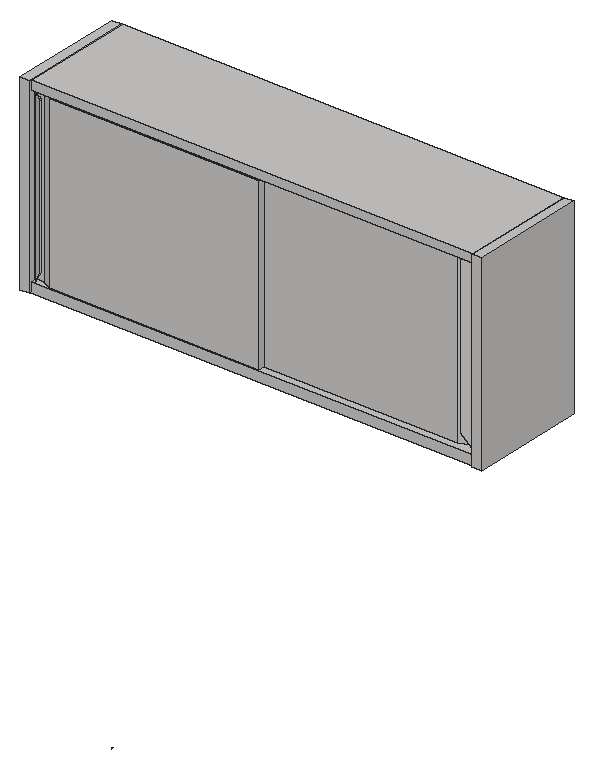
Revit family "QF_ELECTROLUXPROFESSIONAL_121885_TAPC16", category Attrezzature speciali, Revit 2020
Family settings
  Quota connettore circolare = Usa diametro
  Tipo di parte = Normale
  Basato su piano di lavoro = No
  Sempre verticale = Sì
  Taglio con vuoti quando caricato = No
  Condiviso = No
  Punto di calcolo locali = No
Parameters (values of type "Standard")
  Weight = 60.00 kg
  Watts = 0 W
  Volts = 0 V
  URL Manufacturer = "https://www.electroluxprofessional.com/"
  URL = "https://www.electroluxprofessional.com/"
  Steam Supply Size = 0 mm
  Steam Supply Minimum Pressure = 0.0 Pa
  Steam Supply Maximum Pressure = 0.0 Pa
  Steam Consumption per Hour = 0
  Refrigeration Suction Line Size = 0.0 mm
  Refrigeration Liquid Line Size = 0.0 mm
  Refrigerant Compressor Remote = yes
  Prospetto di default = 0.0 mm
  Phase = 0
  Modello = "TAPC16"
  Produttore = "Electrolux Professional"
  Length Actual = 1600.0 mm  # constant formula
  Item Number = "121885"
  Hot Water Size = 0 mm
  Height Actual = 660.0 mm  # constant formula
  HP = "0 HP"
  Gas Size = 0 mm
  Gas KW = 0
  Gas Input Pressure = 0 W
  Direct Waste Size = 0 mm
  Descrizione = "WALL CUPBOARD WITH SLIDING DOORS 1600MM"
  Depth Actual = 400.0 mm  # constant formula
  Cycle = 0 Hz
  Condensate Return Size = 0 mm
  Compressed Air Volume = 0.0 L/s
  Compressed Air Size = 0 mm
  Compressed Air Pressure = 0.0 Pa
  Cold Water Size = 0 mm
  Accessory = yes
Reference planes
  plane 1 "Center (Front/Back)": y = 0
  plane 2: z = 0
  plane 3 "Center (Left/Right)": x = -300
  plane 4 "LEFT": x = -1100
  plane 5 "RIGHT": x = 500
  plane 6 "BACK": y = 200
  plane 7 "FRONT": y = -200
  plane 8 "Base": z = 2260
  plane 9 "BASE": z = 1600
  plane 10: x = -1066
  plane 11: x = 466
  plane 12: y = -197
  plane 13: y = 170
Forms (mm)
  Extrusion 1, solid, material "QF_Finishes_Stainless Steel"
    sketch origin (0, 0, 1600) x (-1, 0, 0) y (0, -1, 0)
      loop
        line (1100, -200) -> (1100, 200) -> (1066, 200) -> (1066, -200) -> (1100, -200)
      loop
        line (-466, -200) -> (-466, 200) -> (-500, 200) -> (-500, -200) -> (-466, -200)
    from 0 to 660
  Extrusion 2, solid, material "QF_Finishes_Stainless Steel"
    sketch origin (0, 0, 1600) x (-1, 0, 0) y (0, -1, 0)
      loop
        line (1066, -170) -> (1066, 197) -> (-466, 197) -> (-466, -170) -> (1066, -170)
    from 0 to 35
  Extrusion 3, solid, material "QF_Finishes_Stainless Steel"
    sketch origin (0, 0, 0) x (1, 0, 0) y (0, 1, 0)
      loop
        line (-1066, -197) -> (466, -197) -> (466, 200) -> (-1066, 200) -> (-1066, -197)
    from 2230 to 2260
  Extrusion 4, solid, material "QF_Finishes_Stainless Steel"
    sketch origin (0, 0, 1600) x (-1, 0, 0) y (0, -1, 0)
      loop
        line (1066, -200) -> (1066, -170) -> (-466, -170) -> (-466, -200) -> (1066, -200)
    from 630 to 0
  Extrusion 5, solid, material "QF_Finishes_Stainless Steel"
    sketch origin (0, 0, 0) x (1, 0, 0) y (0, 1, 0)
      loop
        line (-326.5, -177) -> (398, -177) -> (433, -162) -> (463, -162) -> (463, -157) -> (-326.5, -157) -> (-326.5, -177)
    from 1640 to 2225
  Extrusion 6, solid, material "QF_Finishes_Stainless Steel"
    sketch origin (0, 0, 0) x (1, 0, 0) y (0, 1, 0)
      loop
        line (421, -191) -> (449, -176) -> (463, -162) -> (460.172, -162) -> (447.795, -174.377) -> (420.056, -189.237) -> (421, -191)
    from 1640 to 2225
  Extrusion 7, void
    sketch origin (-381.5, -202.5, -15) x (1, 0, 0) y (0, 0, -1)
      loop
        line (797, -1655) -> (797, -1706.75) -> (831.5, -1655) -> (797, -1655)
      loop
        line (801.556, -2240) -> (811.556, -2240)
        arc (811.556, -2240) -> (804.484, -2237.071) -> (801.556, -2230) r 10
        line (801.556, -2230) -> (801.556, -2240)
    from 5.5 to 29.918
  Extrusion 8, solid, material "QF_Finishes_Stainless Steel"
    sketch origin (0, 0, 0) x (1, 0, 0) y (0, 1, 0)
      loop
        line (-273.481, -197) -> (-273.481, -177) -> (-1063, -177) -> (-1063, -182) -> (-1033, -182) -> (-998, -197) -> (-273.481, -197)
    from 1640 to 2225
  Extrusion 9, solid, material "QF_Finishes_Stainless Steel"
    sketch origin (0, 0, 0) x (1, 0, 0) y (0, 1, 0)
      loop
        line (-1021, -211) -> (-1020.056, -209.237) -> (-1047.795, -194.377) -> (-1060.172, -182) -> (-1063, -182) -> (-1049, -196) -> (-1021, -211)
    from 1640 to 2225
  Extrusion 10, void
    sketch origin (-218.5, -202.5, -15) x (-1, 0, 0) y (0, 0, 1)
      loop
        line (797, 1655) -> (831.5, 1655) -> (797, 1706.75) -> (797, 1655)
      loop
        line (801.556, 2240) -> (801.556, 2230)
        arc (801.556, 2230) -> (804.484, 2237.071) -> (811.556, 2240) r 10
        line (811.556, 2240) -> (801.556, 2240)
    from -13.118 to 9.689
  Extrusion 11, solid, material "QF_Finishes_Stainless Steel"
    sketch origin (0, 0, 0) x (1, 0, 0) y (0, 1, 0)
      loop
        line (-1100, 200) -> (-1100, 199) -> (-1099, 199) -> (-1099, 200) -> (-1100, 200)
    from 0 to 1
Cuts and joins
  Extrusion 7 cuts Extrusion 6
  Extrusion 10 cuts Extrusion 9
Lines and regions (mm)
  symbolic lines, style "SpecialityEquipment"
    curve 1: line (500, 200, 2300) -> (-1100, 200, 2300)
    curve 2: line (500, -200, 2300) -> (500, 200, 2300)
    curve 3: line (-1100, -204.5, 1600) -> (-1100, 200, 1600)
    curve 4: line (-1100, -200, 1600) -> (-1068, -200, 1600)
    curve 5: line (468, -200, 1600) -> (500, -200, 1600)
    curve 7: line (468, -197, 1600) -> (-1068, -197, 1600)
    curve 12: line (-1047.133, -197, 1600) -> (-1020.985, -211.008, 1600)
    curve 13: line (-1020.985, -211.008, 1600) -> (-1020.038, -209.239, 1600)
    curve 14: line (-1042.884, -197, 1600) -> (-1020.038, -209.239, 1600)
  symbolic lines, style "SpecialityEquipmentHiddenLines"
    curve 6: line (468, -200, 1600) -> (468, -197, 1600)
    curve 8: line (-1068, -197, 1600) -> (-1068, -200, 1600)
    curve 9: line (466, -157, 200) -> (-326.5, -157, 200)
    curve 10: line (-326.5, -157, 200) -> (-326.5, -177, 200)
    curve 11: line (399, -177, 200) -> (-1063, -177, 200)
    curve 15: line (-273.5, -177, 200) -> (-273.5, -197, 200)
    curve 16: line (398, -177, 1600) -> (433, -162, 1600)
    curve 17: line (433, -162, 1600) -> (463, -162, 1600)
    curve 18: line (463, -162, 1600) -> (463, -157, 1600)
    curve 19: line (420.958, -191.023, 1600) -> (448.999, -176.001, 1600)
    curve 20: line (448.999, -176.001, 1600) -> (463, -162, 1600)
    curve 21: line (460.172, -162, 1600) -> (447.795, -174.377, 1600)
    curve 22: line (447.795, -174.377, 1600) -> (419.992, -189.271, 1600)
    curve 23: line (419.992, -189.271, 1600) -> (420.958, -191.023, 1600)
    curve 24: line (-1063, -177, 1600) -> (-1063, -182, 1600)
    curve 25: line (-1063, -182, 1600) -> (-1049, -196, 1600)
    curve 26: line (-1049, -196, 1600) -> (-1047.133, -197, 1600)
    curve 27: line (-1042.884, -197, 1600) -> (-1047.955, -194.283, 1600)
    curve 28: line (-1047.955, -194.283, 1600) -> (-1060.239, -182, 1600)
    curve 29: line (-998, -197, 1600) -> (-1033, -182, 1600)
    curve 30: line (-1033, -182, 1600) -> (-1063, -182, 1600)
  symbolic lines
    curve 31: line (-1100, 200, 1600) -> (500, -200, 1600)
    curve 32: line (500, 200, 1600) -> (-1100, -200, 1600)
Dimensions and locks
  plane 4 "LEFT" to plane 5 "RIGHT" = 1600.0 mm
  equal spacing: plane 4 "LEFT", plane 3 "Center (Left/Right)", plane 5 "RIGHT"
  plane 6 "BACK" to plane 7 "FRONT" = 400.0 mm
  equal spacing: plane 6 "BACK", plane 1 "Center (Front/Back)", plane 7 "FRONT"
  plane 9 "BASE" to level = 1600.0 mm
  locked: plane 4 "LEFT" to plane 10 at 34
  locked: plane 11 to plane 5 "RIGHT" at 34
  plane 12 to plane 7 "FRONT" = 3.0 mm
  plane 6 "BACK" to plane 13 = 30.0 mm
  locked: plane 8 "Base" to plane 9 "BASE" at 660
  aligned and locked: level to plane 2
  aligned and locked: plane 8 "Base" to Extrusion 1
  aligned and locked: plane 6 "BACK" to Extrusion 1 sketch curve
  aligned and locked: Extrusion 1 sketch curve to plane 6 "BACK"
  aligned and locked: plane 7 "FRONT" to Extrusion 1 sketch curve
  aligned and locked: Extrusion 1 sketch curve to plane 7 "FRONT"
  aligned and locked: plane 10 to Extrusion 1
  aligned and locked: Extrusion 1 to plane 11
  aligned and locked: Extrusion 2 to plane 10
  aligned and locked: plane 11 to Extrusion 2
  aligned and locked: plane 8 "Base" to Extrusion 3
  aligned and locked: Extrusion 2 to plane 12
  aligned and locked: Extrusion 2 to plane 13
  aligned and locked: Extrusion 3 to plane 12
  aligned and locked: plane 10 to Extrusion 4 sketch curve
  aligned and locked: Extrusion 4 sketch curve to plane 11
  aligned and locked: Extrusion 4 sketch curve to plane 6 "BACK"
  aligned and locked: Extrusion 4 sketch curve to plane 13
  aligned and locked: Extrusion 4 to Extrusion 3
  aligned and locked: Extrusion 4 to plane 9 "BASE"
  aligned and locked: plane 6 "BACK" to Extrusion 3
Automatic sketch dimensions
  curve 2 to plane 5 "RIGHT" = 0.0 mm
  curve 2 to plane 7 "FRONT" = 0.0 mm
  curve 1 to plane 4 "LEFT" = 0.0 mm
  curve 1 to plane 6 "BACK" = 0.0 mm
  Extrusion 1 sketch curve to plane 5 "RIGHT" = 0.0 mm
  Extrusion 1 sketch curve to plane 11 = 0.0 mm
  Extrusion 1 sketch curve to plane 10 = 0.0 mm
  Extrusion 1 sketch curve to plane 4 "LEFT" = 0.0 mm
  Extrusion 2 sketch curve to plane 11 = 0.0 mm
  Extrusion 2 sketch curve to plane 10 = 0.0 mm
  plane 13 to Extrusion 2 sketch curve = 0.0 mm
  Extrusion 2 sketch curve to plane 12 = 0.0 mm
  Extrusion 3 sketch curve to plane 6 "BACK" = 0.0 mm
  Extrusion 3 sketch curve to plane 10 = 0.0 mm
  Extrusion 3 sketch curve to plane 11 = 0.0 mm
  Extrusion 3 sketch curve to plane 12 = 0.0 mm
  Extrusion 7 sketch curve to plane 11 = 50.5 mm
  Extrusion 7 sketch curve to plane 11 = 45.944 mm
  Extrusion 7 sketch curve to Extrusion 7 sketch curve = 10.0 mm
  Extrusion 7 sketch curve to plane 11 = 16.0 mm
  Extrusion 7 sketch curve to plane 8 "Base" = 35.0 mm
  plane 9 "BASE" to Extrusion 7 sketch curve = 91.75 mm
  plane 9 "BASE" to Extrusion 7 sketch curve = 40.0 mm
  plane 10 to Extrusion 10 sketch curve = 50.5 mm
  plane 10 to Extrusion 10 sketch curve = 45.944 mm
  Extrusion 10 sketch curve to Extrusion 10 sketch curve = 10.0 mm
  plane 10 to Extrusion 10 sketch curve = 16.0 mm
  plane 9 "BASE" to Extrusion 10 sketch curve = 40.0 mm
  Extrusion 10 sketch curve to Extrusion 10 sketch curve = 51.75 mm
  Extrusion 10 sketch curve to plane 8 "Base" = 45.0 mm
  Extrusion 5 sketch curve to plane 3 "Center (Left/Right)" = 26.5 mm
  plane 12 to Extrusion 5 sketch curve = 20.0 mm
  Extrusion 5 sketch curve to plane 11 = 68.0 mm
  Extrusion 5 sketch curve to plane 11 = 33.0 mm
  Extrusion 5 sketch curve to plane 11 = 3.0 mm
  plane 12 to Extrusion 5 sketch curve = 35.0 mm
  Extrusion 5 sketch curve to Extrusion 5 sketch curve = 5.0 mm
  plane 12 to Extrusion 6 sketch curve = 7.763 mm
  Extrusion 6 sketch curve to plane 11 = 45.944 mm
  plane 12 to Extrusion 6 sketch curve = 6.0 mm
  Extrusion 6 sketch curve to Extrusion 6 sketch curve = 0.944 mm
  Extrusion 6 sketch curve to plane 11 = 18.205 mm
  Extrusion 6 sketch curve to Extrusion 6 sketch curve = 1.205 mm
  Extrusion 6 sketch curve to plane 11 = 5.828 mm
  Extrusion 6 sketch curve to Extrusion 6 sketch curve = 2.828 mm
  Extrusion 6 sketch curve to Extrusion 6 sketch curve = 12.377 mm
  Extrusion 8 sketch curve to plane 12 = 0.0 mm
  plane 10 to Extrusion 8 sketch curve = 3.0 mm
  plane 12 to Extrusion 8 sketch curve = 15.0 mm
  Extrusion 8 sketch curve to Extrusion 8 sketch curve = 30.0 mm
  Extrusion 8 sketch curve to Extrusion 8 sketch curve = 35.0 mm
  plane 3 "Center (Left/Right)" to Extrusion 8 sketch curve = 26.519 mm
  Extrusion 8 sketch curve to Extrusion 8 sketch curve = 5.0 mm
  plane 10 to Extrusion 9 sketch curve = 3.0 mm
  Extrusion 9 sketch curve to Extrusion 9 sketch curve = 2.828 mm
  plane 12 to Extrusion 9 sketch curve = 1.0 mm
  plane 10 to Extrusion 9 sketch curve = 17.0 mm
  plane 12 to Extrusion 9 sketch curve = 2.623 mm
  Extrusion 9 sketch curve to Extrusion 9 sketch curve = 1.205 mm
  Extrusion 9 sketch curve to plane 7 "FRONT" = 11.0 mm
  Extrusion 9 sketch curve to Extrusion 9 sketch curve = 26.795 mm
  plane 12 to Extrusion 9 sketch curve = 15.0 mm
  curve 9 to plane 11 = 0.0 mm
  curve 15 to plane 12 = 0.0 mm
  curve 10 to plane 3 "Center (Left/Right)" = 26.5 mm
  plane 12 to curve 10 = 40.0 mm
  plane 12 to curve 11 = 20.0 mm
  curve 11 to plane 11 = 67.0 mm
  plane 3 "Center (Left/Right)" to curve 15 = 26.5 mm
  plane 10 to curve 11 = 3.0 mm
  curve 31 to plane 5 "RIGHT" = 0.0 mm
  curve 32 to plane 5 "RIGHT" = 0.0 mm
  curve 5 to plane 7 "FRONT" = 0.0 mm
  curve 6 to plane 12 = 0.0 mm
  curve 4 to plane 7 "FRONT" = 0.0 mm
  curve 32 to plane 4 "LEFT" = 0.0 mm
  curve 3 to plane 6 "BACK" = 0.0 mm
  curve 32 to plane 6 "BACK" = 0.0 mm
  plane 11 to curve 5 = 2.0 mm
  curve 18 to plane 11 = 3.0 mm
  curve 19 to plane 11 = 17.001 mm
  curve 19 to curve 21 = 1.204 mm
  curve 21 to curve 17 = 14.795 mm
  plane 12 to curve 23 = 5.977 mm
  curve 16 to curve 23 = 12.042 mm
  plane 12 to curve 23 = 7.729 mm
  curve 19 to curve 23 = 0.966 mm
  curve 14 to plane 7 "FRONT" = 9.239 mm
  plane 10 to curve 14 = 45.962 mm
  curve 12 to plane 7 "FRONT" = 11.008 mm
  curve 13 to curve 12 = 0.948 mm
  plane 12 to curve 29 = 15.0 mm
  curve 29 to curve 14 = 9.884 mm
  plane 12 to curve 27 = 2.717 mm
  curve 12 to curve 27 = 0.822 mm
  plane 12 to curve 25 = 1.0 mm
  curve 27 to curve 25 = 1.045 mm
  plane 10 to curve 30 = 3.0 mm
  curve 4 to plane 10 = 2.0 mm
  plane 12 to curve 20 = 35.0 mm
  curve 21 to curve 22 = 12.377 mm
  curve 21 to curve 20 = 1.624 mm
  curve 17 to curve 21 = 2.828 mm
  plane 12 to curve 16 = 20.0 mm
  curve 22 to curve 16 = 21.992 mm
  curve 29 to curve 13 = 22.038 mm
  curve 27 to curve 14 = 0.0 mm
  curve 26 to curve 12 = 0.0 mm
  curve 28 to curve 24 = 2.761 mm
  curve 18 to curve 17 = 5.0 mm
  curve 24 to curve 24 = 5.0 mm
  curve 3 to plane 7 "FRONT" = 4.5 mm
  Extrusion 11 sketch curve to plane 4 "LEFT" = 0.0 mm
  Extrusion 11 sketch curve to plane 6 "BACK" = 0.0 mm
  plane 4 "LEFT" to Extrusion 11 sketch curve = 1.0 mm
  Extrusion 11 sketch curve to Extrusion 11 sketch curve = 1.0 mm
